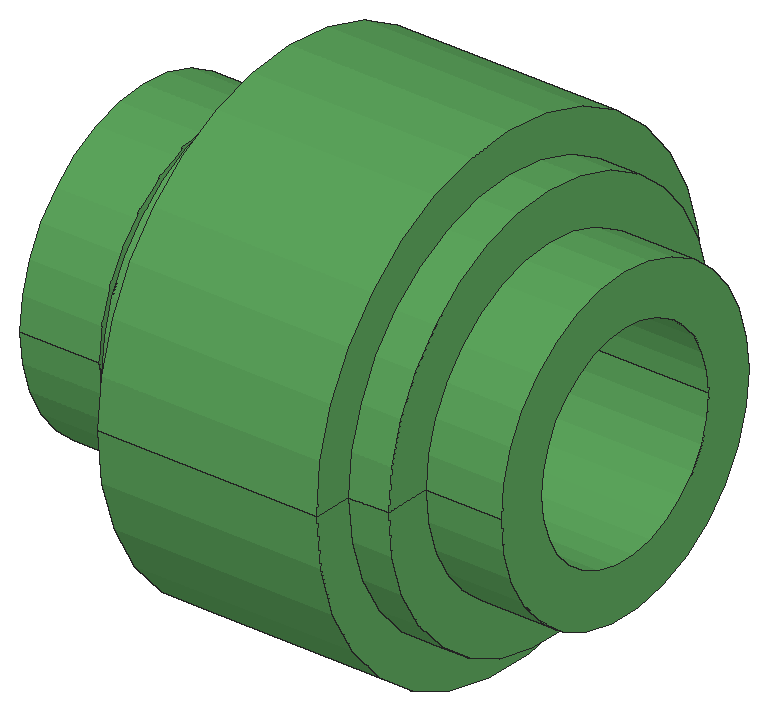
Revit family "Aquatherm_Муфтовое резьбовое соединение_1", category Соединительные детали трубопроводов, Revit 2019
Family settings
  Размер круглого соединителя = Использовать диаметр
  Тип детали = Соединение
  На основе рабочей плоскости = Нет
  Всегда вертикально = Да
  При загрузке вырезать с полостями = Нет
  Общий = Нет
Parameters (values of type "SDR 9")
  Материал_Корпус = AquaTherm green pipe
  z1 [instance] = size_lookup("Муфтовое резьбовое соединение", "z1", 20 mm, d)  # 5.5 mm
  z [instance] = size_lookup("Муфтовое резьбовое соединение", "z", 5 mm, d)  # 12 mm
  l1 [instance] = size_lookup("Муфтовое резьбовое соединение", "l1", 20 mm, d)  # 20 mm
  d2 [instance] = d - 1 mm  # 19 mm
  d1 [instance] = d - 2 mm  # 18 mm
  URL = "www.agpipe.ru"
  SDR = 9 mm
  D1 [instance] = size_lookup("Муфтовое резьбовое соединение", "D1", 20 mm, d)  # 29.5 mm
  D [instance] = size_lookup("Муфтовое резьбовое соединение", "D", d + 8 mm, d)  # 46 mm
  l [instance] = size_lookup("Муфтовое резьбовое соединение", "l", 20 mm, d)  # 26 mm
  d [instance] = 20 mm
  ADSK_Примечание = ""
  ADSK_Позиция [instance] = ""
  ADSK_Обозначение = ""
  ADSK_Наименование [instance] = size_lookup("Муфтовое резьбовое соединение", "ADSK_Наименование", "Нет в каталоге", d)  # "Муфтовое резьбовое соединение DN20"
  ADSK_Масса_Текст [instance] = size_lookup("Муфтовое резьбовое соединение", "ADSK_Масса_Текст", "Нет в каталоге", d)  # "0.036"
  ADSK_Код изделия [instance] = size_lookup("Муфтовое резьбовое соединение", "ADSK_Код изделия", "Нет в каталоге", d)  # "15838"
  ADSK_Завод-изготовитель = "Aquatherm"  # constant formula
  ADSK_Единица измерения = "шт."  # constant formula
Types (5, lengths in mm): name | SDR
  (no name) | 9
  SDR 6 | 6
  SDR 7.4 | 7.4
  SDR 9 | 9
  SDR 11 | 11
Reference planes
  plane 1 "По центру (Вперед/Назад)": y = 0
  plane 2: z = 0
  plane 3 "По центру (Влево/Вправо)": x = 0
  plane 4: x = -26
  plane 5: x = 20
  plane 6: y = -23
  plane 7: y = 23
  plane 8: x = -12
  plane 9: x = 5.5
  plane 10: y = 14.75
  plane 11: y = -14.75
Forms (mm)
  Extrusion 1, solid, material "AquaTherm green pipe" <- "Материал_Корпус"
    sketch origin (0, 0, 0) x (0, 1, 0) y (0, 0, 1)
      loop
        circle (0, 0) r 14.75
    from -26 to 20
  Extrusion 2, void
    sketch origin (0, 0, 0) x (0, 1, 0) y (0, 0, 1)
      loop
        circle (0, 0) r 10
    from -26 to -12
  Extrusion 3, void
    sketch origin (0, 0, 0) x (0, 1, 0) y (0, 0, 1)
      loop
        circle (0, 0) r 10
    from 5.5 to 20
  Extrusion 4, void
    sketch origin (0, 0, 0) x (0, 1, 0) y (0, 0, 1)
      loop
        circle (0, 0) r 9
    from -12 to 0
  Extrusion 5, void
    sketch origin (0, 0, 0) x (0, 1, 0) y (0, 0, 1)
      loop
        circle (0, 0) r 9.5
    from 0 to 5.5
  Revolve 6, solid, material "AquaTherm green pipe" <- "Материал_Корпус"
    sketch origin (0, 0, 0) x (1, 0, 0) y (0, 1, 0)
      loop
        line (12.75, 19.207) -> (8.909, 19.207) -> (8.909, 23) -> (-12, 23) -> (-12, 16.25) -> (-17, 16.25) -> (-18.5, 14.75) -> (12.75, 14.75) -> (12.75, 19.207)
      axis (-18.5, 0) -> (12.75, 0)
    angle from 0 to 360
Cuts and joins
  Extrusion 2, Extrusion 3, Extrusion 4, Extrusion 5 cuts Extrusion 1
Lines and regions (mm)
  reference lines
    curve 1: line (-12, 0, 0) -> (5.5, 0, 0)
Dimensions and locks
  equal spacing: plane 6, plane 1 "По центру (Вперед/Назад)", plane 7
  "D": plane 6 to plane 7
  "z1": plane 3 "По центру (Влево/Вправо)" to plane 9
  "z": plane 8 to plane 3 "По центру (Влево/Вправо)"
  "l": plane 4 to plane 3 "По центру (Влево/Вправо)"
  "l1": plane 3 "По центру (Влево/Вправо)" to plane 5
  equal spacing: plane 11, plane 1 "По центру (Вперед/Назад)", plane 10
  "D1": plane 11 to plane 10
  equal spacing: plane 9, Revolve 6 sketch curve, plane 5
  locked: plane 7 to Revolve 6 sketch curve at 3.793
  Revolve 6 sketch curve to Revolve 6 sketch curve to plane 8 = 1.5 mm locked, 5 mm locked
  "D1": diameter of Extrusion 1 sketch curve
  "d": diameter of Extrusion 2 sketch curve
  "d": diameter of Extrusion 3 sketch curve
  "d1": diameter of Extrusion 4 sketch curve
  "d2": diameter of Extrusion 5 sketch curve
  aligned and locked: level to plane 2
  aligned and locked: Extrusion 1 to plane 4
  aligned and locked: plane 5 to Extrusion 1
  aligned and locked: Extrusion 2 to plane 4
  aligned and locked: plane 8 to Extrusion 2
  aligned and locked: plane 5 to Extrusion 3
  aligned and locked: Extrusion 3 to plane 9
  aligned and locked: plane 9 to Extrusion 5
  aligned and locked: Extrusion 4 to plane 8
  aligned and locked: plane 3 "По центру (Влево/Вправо)" to Extrusion 4
  aligned and locked: plane 7 to Revolve 6 sketch curve
  aligned and locked: Revolve 6 sketch curve to plane 8
  aligned and locked: plane 8 to curve 1
  aligned and locked: plane 9 to curve 1
Automatic sketch dimensions
  plane 1 "По центру (Вперед/Назад)" to curve 1 = 0 mm
  Extrusion 1 sketch curve to level = 0 mm
  Extrusion 1 sketch curve to plane 1 "По центру (Вперед/Назад)" = 0 mm
  Extrusion 2 sketch curve to level = 0 mm
  Extrusion 2 sketch curve to plane 1 "По центру (Вперед/Назад)" = 0 mm
  Extrusion 3 sketch curve to level = 0 mm
  Extrusion 3 sketch curve to plane 1 "По центру (Вперед/Назад)" = 0 mm
  Extrusion 4 sketch curve to level = 0 mm
  Extrusion 4 sketch curve to plane 1 "По центру (Вперед/Назад)" = 0 mm
  Extrusion 5 sketch curve to level = 0 mm
  Extrusion 5 sketch curve to plane 1 "По центру (Вперед/Назад)" = 0 mm
  plane 1 "По центру (Вперед/Назад)" to Revolve 6 sketch curve = 0 mm
  plane 10 to Revolve 6 sketch curve = 0 mm
  plane 9 to Revolve 6 sketch curve = 3.409 mm
  Revolve 6 sketch curve to plane 10 = 1.5 mm
  Revolve 6 sketch curve to plane 8 = 6 mm
  plane 5 to Revolve 6 sketch curve = 15 mm
Connectors
  piping at (-12, 0, 0), diameter 20, driven by "d"
    settings: on curve 1, index 1, connector inside diameter 609.6 mm, connector length 0 mm, flow factor 0, pipe flow 0.0 L/s, pressure drop 0.0 Pa, fitting loss kfactor 0, connector angle 0.00°, fixture units 0, engagement length 0 mm, angle of deflection 0.00°, flow configuration 0, flow direction 0, fitting loss method 0, system type 7, joint type 0, gender type 0, connector reference index 2, connector utility 0, adjustable connector no, is connector primary yes, connector description ""
  piping at (5.5, 0, 0), diameter 20, driven by "d"
    settings: on curve 1, index 2, connector inside diameter 609.6 mm, connector length 0 mm, flow factor 0, pipe flow 0.0 L/s, pressure drop 0.0 Pa, fitting loss kfactor 0, connector angle 0.00°, fixture units 0, engagement length 0 mm, angle of deflection 0.00°, flow configuration 0, flow direction 0, fitting loss method 0, system type 7, joint type 0, gender type 0, connector reference index 1, connector utility 0, adjustable connector no, is connector primary no, connector description ""
